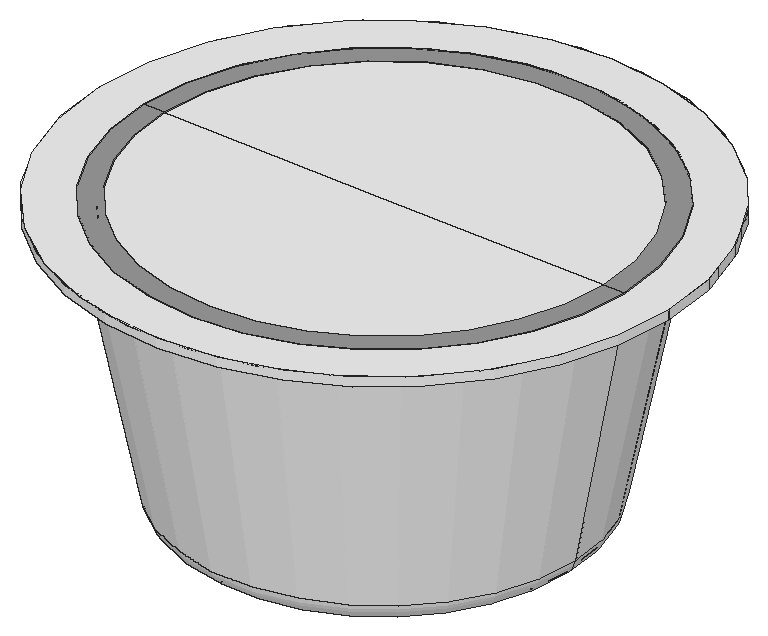
Revit family "2060706", category Lighting Fixtures, host Face, Revit 2018
Family settings
  Host = Face
  Round Connector Dimension = Use Diameter
  Part Type = Normal
  OmniClass Number = 23.80.70.11.17
  OmniClass Title = Specialized Lighting by Location or Use
  Cut with Voids When Loaded = No
  Light Source = Yes
  Shared = No
  Room Calculation Point = No
Parameters (values of type "2060706 ASC100 II ARCH 3450 3K IP65 DALI 160")
  WidthBezelAcc_SYL = 25.0 mm
  Weight = "n/a"
  Wattage = 7 W
  WarrantyStartDate [instance] = "n/a"
  WarrantyGuarantorParts = "n/a"
  WarrantyDurationUnit = "n/a"
  WarrantyDurationParts = ""
  WarrantyDescription = "http://www.sylvania-lighting.com"
  built-in parameter 1150110 = 1 (stored number, unit not read)
  Voltage = 0 V
  VisibilityAccessory_SYL = no
  TypeName = "ASCENT 100 II ARCH 3450 3K IP65 DALI 160"
  built-in parameter 1114217 = 1 (stored number, unit not read)
  Tilt Angle = -90°
  built-in parameter 1150109 = 1 (stored number, unit not read)
  built-in parameter 1150134 = (empty or 0)
  built-in parameter 1150113 = 1 (stored number, unit not read)
  SerialNumber [instance] = "n/a"
  ReflectorRadius_SYL = Radius_SYL - 14.5 mm  # 80.0 mm
  RadiusAcc_SYL = 104.5 mm
  Radius_SYL = 94.5 mm
  URL = "0.95"
  PowerFactor = 0
  PowerConsumption = "Lighting"
  Photometric Web File = "2060706.ies"
  NominalWidth = 0.0 mm
  NominalLength = 209.0 mm
  NominalHeight = 94.0 mm
  Name = "ASCENT 100 II ARCH 3450 3K IP65 DALI 160"
  ModelReference = "ASCENT 100 II ARCH 3450 3K IP65 DALI 160"
  ModelNumber = "2060706"
  Material_4_SYL = none
  Material_3_SYL = Polycarbonate_Sylvania_Ascent_Opal
  Material_2_SYL = Aluminium_Sylvania_Ascent_Silver
  Material_1_SYL = Aluminum_Sylvania_Ascent_White
  Material = "Feilo Sylvania"
  ManufacturerName = "115 lm/W"
  LuminousEfficacy = ""
  built-in parameter 1150105 = 76.872 (stored number, unit not read)
  Lumens = 966 lm
  LuminaireType = "0"
  built-in parameter 1150115 = 1 (stored number, unit not read)
  LightOutputRatio = "LED"
  built-in parameter 1150137 = (empty or 0)
  built-in parameter 1150139 = (empty or 0)
  LampsType = Lamp  # "n/a"
  LampNominalLuminous = "3000 K"
  LampMacAdamStep = "80"
  LampColourTemperature = "LED"
  LampColourRenderingIndex = "16500"
  built-in parameter 1150112 = 1 (stored number, unit not read)
  built-in parameter 1150114 = 1 (stored number, unit not read)
  Keynote = "n/a"
  InstallationDate [instance] = "n/a"
  InputVoltage = "0"
  InputNominalFrequency = "3000"
  built-in parameter 1150132 = (empty or 0)
  built-in parameter 1150102 = (empty or 0)
  built-in parameter 1150107 = 3000 (stored number, unit not read)
  built-in parameter 1150138 = (empty or 0)
  IngressProtection = "IfcLightFixtureType"
  ImpactProtectionIndex = "IfcLightFixtureType"
  built-in parameter 1150106 = 0.76872 (stored number, unit not read)
  IfcExportType = "IfcLightFixtureType"
  IfcExportAs = "Class II"
  HeightAcc_SYL = 7.0 mm
  Height = 96.0 mm
  ExpectedLife = 50000
  EmittionSurface_SYL = if(VisibilityAccessory_SYL, 7.0 mm, 3.0 mm)  # 3.0 mm
  Emit from Circle Diameter = DiffuserRadius_SYL * 2  # 146.0 mm
  Emit Shape Visible in Rendering = no
  ElectricShockClassification = "115"
  built-in parameter 1150104 = 12.821 (stored number, unit not read)
  DurationUnit = "hours"
  DocumentationLiterature = "http://www.sylvania-lighting.com/product/en-int/products/2060706"
  DimmingControlOptions = "n/a"
  Dimming Lamp Color Temperature Shift = <None>
  DiffuserRadius_SYL = ReflectorRadius_SYL - 7.0 mm  # 73.0 mm
  Diameter_SYL = 2 * Radius_SYL  # 189.0 mm
  CutoutDiameter_SYL = Diameter_SYL - 13.0 mm  # 176.0 mm
  CreatedOn = "08/06/2021"
  CreatedBy = "@sylvania-lighting.com"
  Color Filter = 16777215
  built-in parameter 1114216 [instance] = 1 (stored number, unit not read)
  Model = "ASCENT 100 II ARCH 3450 3K IP65 DALI 160"
  Manufacturer = ""
  Lamp = "n/a"
  Description = "Direct LED retro fit for original LED 100 Arch (160) single CFL lamp offering Matching lumen levels and improved light distribution of original LED 100 CFL lamp equivalents Typically half the power consumption compared to CFL Up to 112lm/W 160mm aperture Architectural reflector accepts range of glass accessories from existing LED 100 Arch 160 offering HE, HO and VHO versions equivalent of single 1 x 18W, 1 x 32W, 1 x 42W\r\n Additional VVHO versions which offer the performance circa 2 x 32W equivalent"  # constant formula
  Default Elevation = 0.0 mm
  built-in parameter 1140040 [instance] = 1
  BarCode [instance] = "n/a"
  built-in parameter 1114218 = 1 (stored number, unit not read)
  built-in parameter 1150133 = 10 (stored number, unit not read)
  AssetType = "Fixed"
  AssetIdentifier [instance] = "n/a"
  Assembly Code = "D5020200"
  Apparent Load = 30 VA
  Aperture_SYL = 2 * ReflectorRadius_SYL  # 160.0 mm
Reference planes
  plane 1 "Center (Front/Back)": y = 0
  plane 2: z = 0
  plane 3 "Center (Left/Right)": x = 0
  plane 4 "Fixture Bottom": z = 3
  plane 5: z = -52.5
  plane 6 "Fixture Top": z = -89
  plane 7: x = -104.5
  plane 8: z = 7
  plane 9: x = -79.5
  plane 10: z = 5
  plane 11: x = -102.5
Forms (mm)
  Extrusion 1, solid, material "Aluminum_Sylvania_Ascent_White", detail levels fine
    sketch origin (0, 0, 0) x (1, 0, 0) y (0, 1, 0)
      loop
        circle (0, 0) r 94.5
      loop
        circle (0, 0) r 80
    from 0 to 3
  Extrusion 2, void
    sketch origin (0, 0, 0) x (1, 0, 0) y (0, 1, 0)
      loop
        circle (0, 0) r 88
    from -89 to 3
  Revolve 3, solid, material "Aluminum_Sylvania_Ascent_White" <- "Material_1_SYL", detail levels fine
    sketch origin (0, 0, 0) x (1, 0, 0) y (0, 0, 1)
      loop
        line (0, -89.073) -> (0, -87.023) -> (-55.468, -87.014)
        arc (-55.468, -87.014) -> (-59.352, -85.613) -> (-61.54, -82.139) r 6.307
        line (-61.54, -82.139) -> (-77.991, -2.838) -> (-77.991, 0) -> (-80, 0) -> (-80, -3) -> (-63.5, -82.536)
        arc (-63.5, -82.536) -> (-60.643, -87.203) -> (-55.5, -89.073) r 8.291
        line (-55.5, -89.073) -> (0, -89.073)
      axis (0, 0) -> (0, -89.073)
    angle from 0 to 360
  Revolve 4, solid, material "Aluminium_Sylvania_Ascent_Silver" <- "Material_2_SYL", detail levels fine
    sketch origin (0, 0, 0) x (1, 0, 0) y (0, 0, 1)
      loop
        line (-80, 3) -> (-80, 0) -> (-75, 0)
        arc (-75, 0) -> (-72.349, -26.77) -> (-64.5, -52.5) r 136.5
        line (-64.5, -52.5) -> (-58, -52.5)
        arc (-58, -52.5) -> (-56.857, -61.521) -> (-53.5, -69.971) r 36.166
        line (-53.5, -69.971) -> (0, -69.971) -> (0, -50.5) -> (-63.16, -50.5)
        arc (-63.16, -50.5) -> (-70.517, -25.725) -> (-73, 0) r 134.5
        line (-73, 0) -> (-73, 3) -> (-80, 3)
      axis (0, 3) -> (0, -69.971)
    angle from 0 to 360
  Revolve 5, solid, material "Aluminum_Sylvania_Ascent_White" <- "Material_1_SYL", detail levels medium+fine
    sketch origin (0, 0, 0) x (1, 0, 0) y (0, 0, 1)
      loop
        line (0, -89.073) -> (0, 3) -> (-94.5, 3) -> (-94.5, 0) -> (-79.5, 0) -> (-79.5, -3) -> (-63, -82.536)
        arc (-63, -82.536) -> (-60.143, -87.203) -> (-55, -89.073) r 8.291
        line (-55, -89.073) -> (0, -89.073)
      axis (0, 3) -> (0, -89.073)
    angle from 0 to 360
  Revolve 6, solid, material "Aluminum_Sylvania_Ascent_White" <- "Material_1_SYL", visible <- "VisibilityAccessory_SYL", detail levels medium+fine
    sketch origin (0, 0, 0) x (1, 0, 0) y (0, 0, 1)
      loop
        line (-104.5, 0) -> (-102.5, 0) -> (-102.5, 5) -> (-79.5, 5) -> (-79.5, 7) -> (-104.5, 7) -> (-104.5, 0)
      axis (0, 7) -> (0, 0)
    angle from 0 to 360
  Extrusion 7, solid, detail levels coarse
    sketch origin (0, 0, 0) x (1, 0, 0) y (0, 0, 1)
      loop
        line (104.421, 7) -> (-104.5, 7) -> (-104.5, -89) -> (104.421, -89) -> (104.421, 7)
    from -104.368 to 104.563
Lines and regions (mm)
  reference lines
    curve 1: line (-149.5, 0, 3) -> (125, 0, 3)
Dimensions and locks
  locked: plane 4 "Fixture Bottom" to plane 2 at 3
  "ReflectorRadius_SYL": plane 3 "Center (Left/Right)" to Revolve 4 sketch curve
  locked: Revolve 4 sketch curve to Revolve 4 sketch curve at 15.5
  locked: Revolve 4 sketch curve to Revolve 4 sketch curve at 5
  locked: Revolve 4 sketch curve to Revolve 4 sketch curve at 7
  locked: Revolve 4 sketch curve to Revolve 4 sketch curve at 22
  locked: Revolve 4 sketch curve to Revolve 4 sketch curve at 26.5
  locked: Revolve 3 sketch curve to Revolve 3 sketch curve at 16.5
  locked: Revolve 3 sketch curve to Revolve 3 sketch curve at 24.5
  "ReflectorRadius_SYL": Revolve 3 sketch curve to plane 3 "Center (Left/Right)"
  locked: Revolve 3 sketch curve to plane 6 "Fixture Top" at 6.464
  locked: plane 2 to Revolve 3 sketch curve at 3
  locked: Revolve 3 sketch curve to Revolve 3 sketch curve at 2
  locked: Revolve 3 sketch curve to Revolve 3 sketch curve at 2.009
  locked: plane 2 to plane 5 at 52.5
  locked: Revolve 5 sketch curve to Revolve 5 sketch curve at 31.5
  locked: Revolve 5 sketch curve to Revolve 5 sketch curve at 39.5
  locked: Revolve 5 sketch curve to Revolve 5 sketch curve at 15
  "Radius_SYL": plane 3 "Center (Left/Right)" to Revolve 5 sketch curve
  "RadiusAcc_SYL": plane 3 "Center (Left/Right)" to plane 7
  "HeightAcc_SYL": plane 8 to level
  locked: plane 7 to plane 11 at 2
  locked: plane 8 to plane 10 at 2
  "Height": plane 6 "Fixture Top" to plane 8
  "CutoutDiameter_SYL": diameter of Extrusion 2 sketch curve
  "ReflectorRadius_SYL": radius of Extrusion 1 sketch curve
  "Radius_SYL": radius of Extrusion 1 sketch curve
  aligned and locked: host face to plane 2
  aligned and locked: host face to level
  aligned and locked: plane 4 "Fixture Bottom" to Extrusion 1
  aligned and locked: Extrusion 1 to plane 2
  aligned and locked: Revolve 3 sketch curve to plane 3 "Center (Left/Right)"
  aligned and locked: Revolve 4 sketch curve to plane 3 "Center (Left/Right)"  (x2)
  aligned and locked: plane 4 "Fixture Bottom" to Revolve 4 sketch curve
  aligned and locked: plane 2 to Revolve 3 sketch curve  (x2)
  aligned and locked: Revolve 5 sketch curve to plane 3 "Center (Left/Right)"
  aligned and locked: plane 6 "Fixture Top" to Extrusion 2
  aligned and locked: Revolve 6 sketch curve to plane 3 "Center (Left/Right)"
  aligned and locked: host face to Revolve 6 sketch curve  (x2)
  aligned and locked: Revolve 6 sketch curve to plane 7
  aligned and locked: plane 8 to Revolve 6 sketch curve
  aligned and locked: plane 9 to Revolve 6 sketch curve
  aligned and locked: Revolve 6 sketch curve to plane 10
  aligned and locked: plane 11 to Revolve 6 sketch curve
  aligned and locked: plane 3 "Center (Left/Right)" to imposter light
  aligned and locked: imposter light to plane 1 "Center (Front/Back)"
  aligned and locked: imposter light to curve 1
Automatic sketch dimensions
  plane 1 "Center (Front/Back)" to Extrusion 2 sketch curve = 0.0 mm
  Extrusion 2 sketch curve to plane 3 "Center (Left/Right)" = 0.0 mm
  Extrusion 1 sketch curve to Extrusion 1 sketch curve = 0.0 mm  (x2)
  plane 1 "Center (Front/Back)" to Extrusion 1 sketch curve = 0.0 mm
  Extrusion 1 sketch curve to plane 3 "Center (Left/Right)" = 0.0 mm
  plane 6 "Fixture Top" to Revolve 3 sketch curve = 0.073 mm
  Revolve 3 sketch curve to plane 6 "Fixture Top" = 6.861 mm
  Revolve 3 sketch curve to Revolve 3 sketch curve = 0.003 mm
  Revolve 3 sketch curve to Revolve 3 sketch curve = 0.009 mm  (x2)
  Revolve 3 sketch curve to Revolve 3 sketch curve = 0.023 mm
  Revolve 3 sketch curve to Revolve 3 sketch curve = 0.072 mm
  Revolve 3 sketch curve to Revolve 3 sketch curve = 0.008 mm
  Revolve 3 sketch curve to plane 6 "Fixture Top" = 1.977 mm
  Revolve 3 sketch curve to Revolve 3 sketch curve = 33.496 mm
  Revolve 3 sketch curve to Revolve 3 sketch curve = 0.028 mm
  plane 4 "Fixture Bottom" to Revolve 3 sketch curve = 82.431 mm
  Revolve 4 sketch curve to Revolve 4 sketch curve = 0.0 mm  (x2)
  Revolve 4 sketch curve to plane 5 = 0.0 mm
  Revolve 4 sketch curve to level = 0.0 mm
  plane 5 to Revolve 4 sketch curve = 2.0 mm
  plane 4 "Fixture Bottom" to Revolve 4 sketch curve = 9.642 mm
  Revolve 4 sketch curve to level = 69.971 mm
  Revolve 4 sketch curve to Revolve 4 sketch curve = 2.387 mm
  Revolve 5 sketch curve to level = 0.0 mm
  Revolve 5 sketch curve to plane 3 "Center (Left/Right)" = 0.0 mm
  Revolve 5 sketch curve to Revolve 5 sketch curve = 8.104 mm
  Revolve 5 sketch curve to level = 3.0 mm
  Revolve 5 sketch curve to plane 6 "Fixture Top" = 6.464 mm
  plane 6 "Fixture Top" to Revolve 5 sketch curve = 0.073 mm
  Revolve 5 sketch curve to Revolve 5 sketch curve = 33.496 mm
  plane 4 "Fixture Bottom" to Revolve 5 sketch curve = 82.431 mm
  host sketch curve to host sketch curve = 1704.996 mm
  host sketch curve to host sketch curve = 1500.0 mm
  plane 6 "Fixture Top" to Revolve 6 sketch curve = 281.274 mm
  Revolve 6 sketch curve to plane 8 = 1140.706 mm
  Revolve 3 sketch curve to plane 3 "Center (Left/Right)" = 0.0 mm
  Revolve 5 sketch curve to plane 4 "Fixture Bottom" = 0.0 mm
  plane 7 to curve 1 = 45.0 mm
  plane 3 "Center (Left/Right)" to curve 1 = 125.0 mm
  curve 1 to plane 4 "Fixture Bottom" = 0.0 mm
  plane 7 to Extrusion 7 sketch curve = 0.0 mm
  Extrusion 7 sketch curve to plane 6 "Fixture Top" = 0.0 mm
  Extrusion 7 sketch curve to plane 8 = 0.0 mm
  plane 3 "Center (Left/Right)" to Extrusion 7 sketch curve = 104.421 mm
Connectors
  electrical at (0, 0, -89.073), driven by "Apparent Load"
    settings: on Revolve 3, index 1, voltage 240 V, apparent load 0 VA, apparent load phase1 30 VA, apparent load phase2 0 VA, apparent load phase3 0 VA, power factor 1, load classification "Lighting", number of poles 1, system type 31, power factor state 1, is connector primary yes, connector utility no, sub classification motor no, connector description ""
